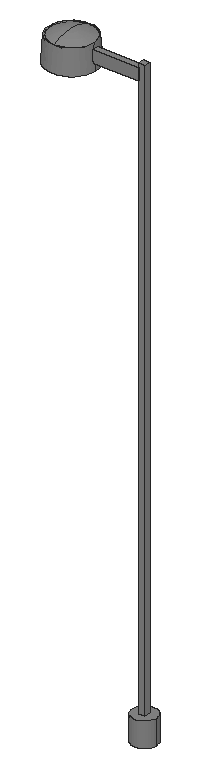
Revit family
Parameters (values of type "400 watt Halogen")
  Wattage = 400 W
  built-in parameter 1150110 = 1 (stored number, unit not read)
  built-in parameter 1114217 = 1 (stored number, unit not read)
  built-in parameter 1150109 = 1 (stored number, unit not read)
  built-in parameter 1150134 = 3
  built-in parameter 1150113 = 1 (stored number, unit not read)
  Material = Metal - Paint Finish - Dark Gray, Matte
  built-in parameter 1150105 = 2291.8 (stored number, unit not read)
  built-in parameter 1150115 = 1 (stored number, unit not read)
  Light Source Symbol Size = 609.60 mm
  built-in parameter 1150137 = (empty or 0)
  built-in parameter 1150139 = (empty or 0)
  built-in parameter 1150112 = 1 (stored number, unit not read)
  built-in parameter 1150114 = 1 (stored number, unit not read)
  built-in parameter 1150132 = (empty or 0)
  built-in parameter 1150102 = (empty or 0)
  built-in parameter 1150107 = 3200 (stored number, unit not read)
  built-in parameter 1150138 = (empty or 0)
  built-in parameter 1150106 = 22.918 (stored number, unit not read)
  Height = 7620.00 mm
  Lamp = "T-4"
  Lumens = 7200 lm
  Wattage Comments = "400"
  built-in parameter 1150104 = 1.6723 (stored number, unit not read)
  Dimming Lamp Color Temperature Shift = (empty or 0)
  Color Filter = 16777215
  built-in parameter 1114218 = 1 (stored number, unit not read)
  built-in parameter 1150133 = 10 (stored number, unit not read)
Types (4, lengths in mm): name | Wattage | built-in parameter 1150134 | built-in parameter 1150105 | built-in parameter 1150107 | built-in parameter 1150106 | Lamp | Lumens | Wattage Comments | built-in parameter 1150104
  (no name) | 400 W | 3 | 2291.8 (stored number, unit not read) | 3200 (stored number, unit not read) | 22.918 (stored number, unit not read) | "T-4" | 7200 lm | "400" | 1.6723 (stored number, unit not read)
  400 watt Halogen | 400 W | 3 | 2291.8 (stored number, unit not read) | 3200 (stored number, unit not read) | 22.918 (stored number, unit not read) | "T-4" | 7200 lm | "400" | 1.6723 (stored number, unit not read)
  250 watt Sodium | 250 W | 13 | 8753.5 (stored number, unit not read) | 2100 (stored number, unit not read) | 87.535 (stored number, unit not read) | "E-18" | 27500 lm | "250" | 10.219 (stored number, unit not read)
  250 watt Halogen | 250 W | 3 | 1432.4 (stored number, unit not read) | 3200 (stored number, unit not read) | 14.324 (stored number, unit not read) | "T-4" | 4500 lm | "250" | 1.6723 (stored number, unit not read)
Reference planes
  plane 1 "Light Source Axis": y = 0
  plane 2: z = 0
  plane 3 "Center": x = 0
  plane 4: z = 7620
  plane 5 "Light Source Elevation": z = 7315.2
  plane 6: z = 304.8
  plane 7 "Light Source Axis": x = -914.4
  plane 8 "Top": z = 7569.2
  plane 9: z = 7416.8
  plane 10: y = 0
  plane 11: y = 0
Forms (mm)
  Extrusion 1, solid, material "Metal - Paint Finish - Dark Gray, Matte" <- "Material"
    sketch origin (0, 0, 0) x (1, 0, 0) y (0, 1, 0)
      loop
        circle (0, 0) r 152.4
    from 0 to 304.8
  Extrusion 2, solid, material "Metal - Paint Finish - Dark Gray, Matte" <- "Material"
    sketch origin (0, 0, 0) x (1, 0, 0) y (0, 1, 0)
      loop
        line (-38.1, 38.1) -> (-38.1, -38.1) -> (38.1, -38.1) -> (38.1, 38.1) -> (-38.1, 38.1)
    from 304.8 to 7620
  Extrusion 3, solid, material "Metal - Paint Finish - Dark Gray, Matte" <- "Material"
    sketch origin (0, 0, 0) x (1, 0, 0) y (0, 1, 0)
      loop
        line (-38.1, 38.1) -> (-914.4, 38.1) -> (-914.4, -38.1) -> (-38.1, -38.1) -> (-38.1, 38.1)
    from 7416.8 to 7569.2
  Blend 4, solid, material "Metal - Paint Finish - Dark Gray, Matte" <- "Material"
    base sketch origin (0, 0, 0) x (1, 0, 0) y (0, 1, 0)
      loop
        circle (-914.4, 0) r 304.8
    top sketch origin (0, 0, 0) x (1, 0, 0) y (0, 1, 0)
      loop
        circle (-914.4, 0) r 279.4
    from 7315.2 to 7620
  Revolve 5, solid, material "Glass - Frosted"
    sketch origin (-914.4, 0, 0) x (0, 0, -1) y (0, -1, 0)
      loop
        arc (-7315.2, -266.7) -> (-7264.968, -137.236) -> (-7243.738, 0) r 642.256
        line (-7243.738, 0) -> (-7256.438, 0) -> (-7315.2, -228.633) -> (-7315.2, -266.7)
      axis (-7315.2, 0) -> (-7243.738, 0)
    angle from 0 to 360
  Revolve 6, solid, material "Metal - Paint Finish - Dark Gray, Matte" <- "Material"
    sketch origin (-914.4, 0, 14935.2) x (0, 0, 1) y (0, 1, 0)
      loop
        line (-7315.2, 266.7) -> (-7315.2, 228.633) -> (-7256.438, 0) -> (-7243.738, 0)
        arc (-7243.738, 0) -> (-7264.968, 137.236) -> (-7315.2, 266.7) r 642.256
      axis (-7315.2, 0) -> (-7243.738, 0)
    angle from 0 to 360
Lines and regions (mm)
  symbolic lines, style "Exterior"
    curve 1: arc (152.4, 0, 0) -> (0, 152.4, 0) -> (-152.4, 0, 0) r 152.4
    curve 2: arc (-152.4, 0, 0) -> (0, -152.4, 0) -> (152.4, 0, 0) r 152.4
    curve 3: arc (12.7, 0, 0) -> (0, 12.7, 0) -> (-12.7, 0, 0) r 12.7
    curve 4: arc (-12.7, 0, 0) -> (0, -12.7, 0) -> (12.7, 0, 0) r 12.7
    curve 5: arc (152.4, 0, 0) -> (0, 152.4, 0) -> (-152.4, 0, 0) r 152.4
    curve 6: arc (-152.4, 0, 0) -> (0, -152.4, 0) -> (152.4, 0, 0) r 152.4
    curve 7: line (38.1, 38.1, 0) -> (-611.949, 38.1, 0)
    curve 8: line (38.1, -38.1, 0) -> (38.1, 38.1, 0)
    curve 9: line (-611.949, -38.1, 0) -> (38.1, -38.1, 0)
    curve 10: line (-914.4, 38.1, 0) -> (-914.4, -38.1, 0)
    curve 11: arc (-611.949, 38.1, 0) -> (-933.487, 304.243, 0) -> (-1219.241, 0, 0) r 304.841
    curve 12: arc (-1219.241, 0, 0) -> (-933.487, -304.243, 0) -> (-611.949, -38.1, 0) r 304.841
    curve 13: arc (-634.935, 0, 0) -> (-914.4, 279.465, 0) -> (-1193.865, 0, 0) r 279.465
    curve 14: arc (-1193.865, 0, 0) -> (-914.4, -279.465, 0) -> (-634.935, 0, 0) r 279.465
Dimensions and locks
  "Height": plane 4 to plane 2
  plane 7 "Light Source Axis" to plane 3 "Center" = 914.40 mm
  locked: plane 4 to plane 8 "Top" at 50.8
  locked: plane 8 "Top" to plane 9 at 152.4
  locked: plane 9 to plane 5 "Light Source Elevation" at 101.6
  aligned and locked: Extrusion 2 to Extrusion 1
  aligned and locked: Extrusion 2 to plane 4
  aligned and locked: Extrusion 3 sketch curve to Extrusion 2  (x2)
  aligned and locked: plane 7 "Light Source Axis" to Extrusion 3 sketch curve
  aligned and locked: plane 9 to Extrusion 3
  aligned and locked: plane 5 "Light Source Elevation" to Blend 4
  aligned and locked: Blend 4 to plane 4
  aligned and locked: Extrusion 3 to plane 8 "Top"
  aligned and locked: plane 7 "Light Source Axis" to curve 10
  aligned and locked: plane 7 "Light Source Axis" to imposter light
  aligned and locked: plane 1 "Light Source Axis" to imposter light
  aligned and locked: plane 5 "Light Source Elevation" to imposter light
Automatic sketch dimensions
  Extrusion 1 sketch curve to plane 1 "Light Source Axis" = 0.00 mm
  Extrusion 1 sketch curve to plane 3 "Center" = 0.00 mm
  Extrusion 1 sketch curve to plane 3 "Center" = 152.40 mm
  plane 3 "Center" to Extrusion 2 sketch curve = 38.10 mm
  plane 1 "Light Source Axis" to Extrusion 2 sketch curve = 38.10 mm
  Extrusion 2 sketch curve to plane 1 "Light Source Axis" = 38.10 mm
  Extrusion 2 sketch curve to plane 3 "Center" = 38.10 mm
  plane 1 "Light Source Axis" to Extrusion 3 sketch curve = 38.10 mm
  Blend 4 sketch curve to plane 1 "Light Source Axis" = 0.00 mm  (x2)
  Blend 4 sketch curve to plane 7 "Light Source Axis" = 0.00 mm  (x2)
  Blend 4 sketch curve to Blend 4 sketch curve = 304.80 mm
  Blend 4 sketch curve to Blend 4 sketch curve = 279.40 mm
  Revolve 5 sketch curve to plane 1 "Light Source Axis" = 0.00 mm  (x2)
  Revolve 5 sketch curve to plane 5 "Light Source Elevation" = 0.00 mm  (x2)
  plane 9 to Revolve 5 sketch curve = 25.40 mm
  plane 1 "Light Source Axis" to Revolve 5 sketch curve = 28.992 mm
  Revolve 5 sketch curve to plane 4 = 265.339 mm
  plane 5 "Light Source Elevation" to Revolve 5 sketch curve = 58.762 mm
  Revolve 5 sketch curve to Revolve 5 sketch curve = 12.70 mm
  Revolve 5 sketch curve to Revolve 5 sketch curve = 38.067 mm
  Revolve 6 sketch curve to plane 1 "Light Source Axis" = 0.00 mm  (x2)
  plane 5 "Light Source Elevation" to Revolve 6 sketch curve = 265.339 mm
  plane 4 to Revolve 6 sketch curve = 76.20 mm
  Revolve 6 sketch curve to Revolve 6 sketch curve = 76.20 mm
  Revolve 6 sketch curve to plane 4 = 0.00 mm
  Revolve 6 sketch curve to Revolve 6 sketch curve = 58.762 mm
  Revolve 6 sketch curve to Revolve 6 sketch curve = 12.70 mm
  plane 1 "Light Source Axis" to Revolve 6 sketch curve = 28.992 mm
  Revolve 6 sketch curve to Revolve 6 sketch curve = 38.067 mm
  curve 12 to plane 1 "Light Source Axis" = 0.00 mm
  curve 14 to plane 1 "Light Source Axis" = 0.00 mm
  curve 11 to plane 7 "Light Source Axis" = 0.00 mm
  curve 14 to plane 7 "Light Source Axis" = 0.00 mm
  curve 5 to plane 1 "Light Source Axis" = 0.00 mm
  curve 2 to plane 1 "Light Source Axis" = 0.00 mm
  curve 4 to plane 1 "Light Source Axis" = 0.00 mm
  curve 5 to plane 3 "Center" = 0.00 mm
  curve 4 to plane 3 "Center" = 0.00 mm
  curve 1 to plane 3 "Center" = 0.00 mm
  curve 11 to curve 13 = 25.376 mm
  curve 5 to plane 3 "Center" = 152.40 mm
  curve 2 to curve 6 = 0.00 mm
  curve 4 to plane 3 "Center" = 12.70 mm
  plane 3 "Center" to curve 7 = 38.10 mm
  plane 1 "Light Source Axis" to curve 8 = 38.10 mm
  curve 12 to plane 7 "Light Source Axis" = 0.00 mm
  curve 7 to curve 12 = 0.00 mm
  curve 10 to plane 1 "Light Source Axis" = 38.10 mm
  plane 7 "Light Source Axis" to curve 14 = 279.465 mm
  plane 1 "Light Source Axis" to curve 10 = 38.10 mm
